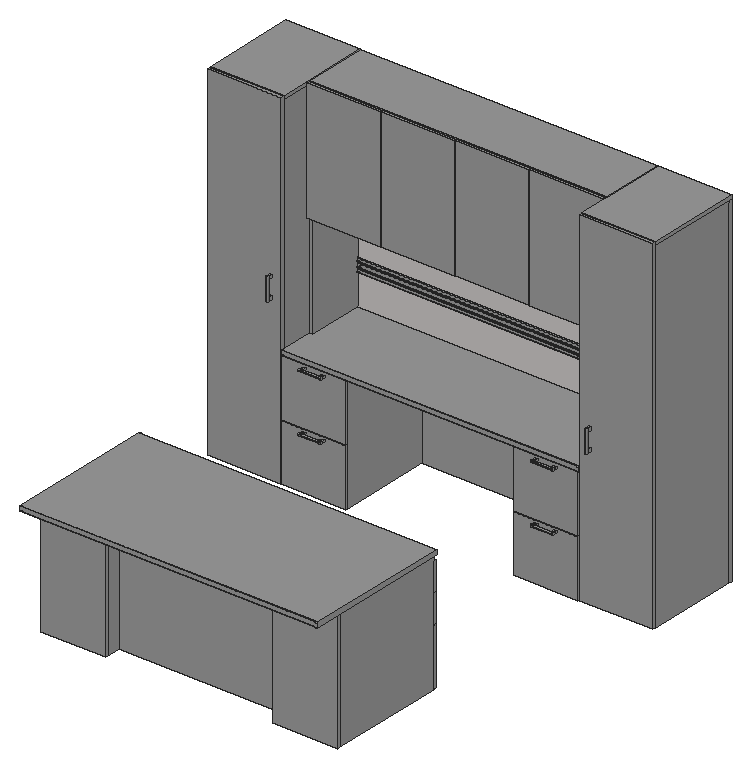
Revit family "JSI-Vision-Typical_Laminate-VST104", category Furniture, Revit 2020 (continued)
Definition of nested family "JSI-Vision-Kneespace_Credenza"
  Automatic sketch dimensions
    Extrusion 4 sketch curve to plane 31 = 0"
    level to Extrusion 4 sketch curve = 1 7/8"
    plane 12 to Extrusion 5 sketch curve = 0"
    Extrusion 5 sketch curve to level = 0"
    Extrusion 5 sketch curve to plane 10 = 0"
    plane 10 to Extrusion 5 sketch curve = 0.65724"
    plane 31 to Extrusion 5 sketch curve = 5/16"
    Extrusion 6 sketch curve to level = 0"
    plane 12 to Extrusion 6 sketch curve = 0"
    Extrusion 6 sketch curve to plane 10 = 0"
    Extrusion 6 sketch curve to plane 31 = 5/16"
    Extrusion 7 sketch curve to plane 6 = 0"  (x2)
    Extrusion 7 sketch curve to plane 31 = 5/16"
    Extrusion 7 sketch curve to Extrusion 7 sketch curve = 0"
    Extrusion 8 sketch curve to level = 0"
    plane 12 to Extrusion 8 sketch curve = 0"
    Extrusion 8 sketch curve to plane 10 = 0"
    plane 31 to Extrusion 8 sketch curve = 5/16"
    Extrusion 9 sketch curve to plane 6 = 0"  (x2)
    Extrusion 9 sketch curve to plane 12 = 0.11111"
    plane 31 to Extrusion 9 sketch curve = 5/16"
    Extrusion 9 sketch curve to Extrusion 9 sketch curve = 0"
    Extrusion 10 sketch curve to level = 0"
    plane 31 to Extrusion 10 sketch curve = 0"
    plane 32 to Extrusion 10 sketch curve = 0"
    level to Extrusion 10 sketch curve = 1 7/8"
    plane 11 to Extrusion 2 sketch curve = 0.01698"
  Nested families (in)
    nested 1: "Bar Pull" at (7.93625, -24, 27.14098), Pull Finish <- "Pull Finish", type "PL"
      with Pull Finish none
    nested 2: "Bar Pull" at (7.93625, -24, 13.20121), Pull Finish <- "Pull Finish", type "PL"
      with Pull Finish none
    nested 3: "Bar Pull" at (64.06375, -24, 27.14098) x (-1, 0, 0) z (0, 0, 1), Pull Finish <- "Pull Finish", type "PL"
      with Pull Finish none
    nested 4: "Bar Pull" at (64.06375, -24, 13.20121) x (-1, 0, 0) z (0, 0, 1), Pull Finish <- "Pull Finish", type "PL"
      with Pull Finish none
    nested 5: "Label 1-16" at (7.93625, -24.85202, 0), type "DRWCFG"
    nested 6: "Label 1-16" at (64.06375, -24.85202, 0), type "DRWCFG"
  Definition of nested family "Bar Pull"
    Parameters
      Pull Finish [instance] = none
      Default Elevation = 0"
    Reference planes (in)
      plane 1 "Center Front/Back": y = 0
      plane 2: z = 0
      plane 3 "Center Left/Right": x = 0
      plane 4: x = -2.68731
      plane 5: x = -1.88731
      plane 6: x = 2.68731
      plane 7: x = 1.88731
      plane 8: y = -1
      plane 9: y = -0.85202
    Forms (in)
      Extrusion 1, solid, material <- "Pull Finish"
        sketch origin (0, 0, 0) x (0, 1, 0) y (0, 0, 1)
          loop
            line (0, -0.2015) -> (0, 0.2015) -> (-0.85202, 0.2015)
            arc (-0.85202, 0.2015) -> (-0.75, 0) -> (-0.85202, -0.2015) r 0.25
            line (-0.85202, -0.2015) -> (0, -0.2015)
        from 1.88731 to 2.68731
      Extrusion 2, solid, material <- "Pull Finish"
        sketch origin (0, 0, 0) x (0, 1, 0) y (0, 0, 1)
          loop
            circle (-1, 0) r 0.25
        from -2.68731 to 2.68731
      Extrusion 3, solid, material <- "Pull Finish"
        sketch origin (0, 0, 0) x (0, 1, 0) y (0, 0, -1)
          loop
            line (0, 0.2015) -> (-0.85202, 0.2015)
            arc (-0.85202, 0.2015) -> (-0.75, 0) -> (-0.85202, -0.2015) r 0.25
            line (-0.85202, -0.2015) -> (0, -0.2015) -> (0, 0.2015)
        from 1.88731 to 2.68731
    Dimensions and locks (in)
      plane 4 to plane 5 to plane 3 "Center Left/Right" to plane 7 to plane 6 = 0.8" locked, 1.88731" locked, 1.88731" locked, 0.8" locked
      plane 8 to plane 9 to plane 1 "Center Front/Back" = 0.14798" locked, 0.85202" locked
      aligned and locked: level to plane 2
      aligned and locked: plane 4 to Extrusion 3
      aligned and locked: Extrusion 3 to plane 5
      aligned and locked: plane 4 to Extrusion 2
      aligned and locked: Extrusion 1 to plane 7
      aligned and locked: plane 6 to Extrusion 1
      aligned and locked: plane 6 to Extrusion 2
      aligned and locked: plane 8 to Extrusion 2 sketch curve
      aligned and locked: Extrusion 3 to plane 1 "Center Front/Back"
      aligned and locked: Extrusion 1 to plane 1 "Center Front/Back"
      aligned and locked: plane 5 to Extrusion 3
      aligned and locked: Extrusion 3 to plane 4
      aligned and locked: Extrusion 2 to plane 4
      aligned and locked: plane 7 to Extrusion 1
      aligned and locked: Extrusion 1 to plane 6
      aligned and locked: Extrusion 2 to plane 6
  Definition of nested family "Label 1-16"
    Parameters
      Width = 1"
      Model Name = "BF"
    Reference planes (in)
      plane 1: y = 0
      plane 2: x = 0
    Text (in)
      label "XX" at (0.00051, -0.12324, 0), shows "Model Name"
Definition of nested family "JSI-Vision-Double_Pedestal_Desk-Break_Front_Modesty"
  Parameters (values of type "Dbl Ped, Brk Frnt Mod - Type Catalog Family")
    Worksurface = none
    Width = 72"
    URL = "www.servex-us.com"
    Type Comments = ""
    Tag 2 = "FF"  # constant formula
    Tag = "BBF"  # constant formula
    Series = "Vision Casegoods"  # constant formula
    Pull Finish = none
    Model = "Type Catalog"
    Material = ""
    Manufacturer = "JSI"  # constant formula
    Keynote = "12500"  # constant formula
    JSI Enviromental Website = "http://www.svxfurniture.com/svx_sustainability_intro.php"
    Height = 29 3/16"
    Grommet Finish = none
    Drawer Front = none
    Description = "Type Catalog"
    Depth chassis = 36"
    Depth = 36"
    Default Elevation = 0"
    Chassis = none
    Assembly Code = "E2020200"
  Reference planes (in)
    plane 1: z = 0
    plane 2 "Center (Left/Right)": x = -36.06413
    plane 3: z = 29.1875
    plane 4: z = 28
    plane 5: y = -25.25
    plane 6 "Center (Front/Back)": y = 10.75
    plane 7: y = 10.625
    plane 8: y = 10.75
    plane 9: x = -0.06413
    plane 10: x = 35.93587
    plane 11: y = 10.625
    plane 12: x = -20.31413
    plane 13: x = 20.18587
    plane 14: x = 28.06087
    plane 15: x = -28.18913
    plane 16: x = 35.81086
    plane 17: x = -35.93913
    plane 18: y = 0.56325
    plane 19: y = -24.31113
    plane 20: x = -35.93913
    plane 21: x = 20.31087
    plane 22: x = -20.43886
    plane 23: x = 35.80987
  Forms (in)
    Extrusion 1, solid, material <- "Worksurface"
      sketch origin (0, 0, 0) x (1, 0, 0) y (0, 1, 0)
        loop
          line (-36.06413, -25.125) -> (35.93587, -25.125) -> (35.93587, 10.625) -> (-36.06413, 10.625) -> (-36.06413, -25.125)
      from 28 to 29.1875
    Extrusion 2, solid, material <- "Chassis"
      sketch origin (0, 3.75, 0) x (1, 0, 0) y (0, 1, 0)
        loop
          line (-20.31413, -3.18675) -> (-20.31413, -3.93675) -> (20.18587, -3.93675) -> (20.18587, -3.18675) -> (-20.31413, -3.18675)
      from 0 to 28
    Extrusion 3, solid, material <- "Drawer Front"
      sketch origin (-0.00163, 6.13, 0) x (1, 0, 0) y (0, 0, 1)
        loop
          line (-35.9375, 27.87992) -> (-35.9375, 21.03992) -> (-20.43723, 21.03992) -> (-20.43723, 27.87992) -> (-35.9375, 27.87992)
        loop
          line (-35.9375, 20.91492) -> (-35.9375, 14.07492) -> (-20.43723, 14.07492) -> (-20.43723, 20.91492) -> (-35.9375, 20.91492)
        loop
          line (-35.9375, 13.94992) -> (-35.9375, 0.14) -> (-20.43723, 0.14) -> (-20.43723, 13.94992) -> (-35.9375, 13.94992)
      from 30.44113 to 31.19125
    Extrusion 4, solid, material <- "Chassis"
      sketch origin (-0.06413, 0, 0) x (0, 1, 0) y (0, 0, 1)
        loop
          line (-24.31113, 28) -> (-24.31113, 0) -> (3.81325, 0) -> (3.81325, 28) -> (-24.31113, 28)
      from -35.875 to -35.125
    Extrusion 5, solid, material <- "Chassis"
      sketch origin (-0.06413, 0.034, 0) x (1, 0, 0) y (0, 0, 1)
        loop
          line (-35.125, 1.9375) -> (-35.125, 0) -> (-21, 0) -> (-21, 1.9375) -> (-35.125, 1.9375)
      from 23.59513 to 24.34513
    Extrusion 6, solid, material <- "Drawer Front"
      sketch origin (-0.1898, 6.13, 0) x (1, 0, 0) y (0, 0, 1)
        loop
          line (20.50066, 27.87992) -> (20.50066, 14.07793) -> (35.99966, 14.07793) -> (35.99966, 27.87992) -> (20.50066, 27.87992)
        loop
          line (20.50066, 13.94992) -> (20.50066, 0.14) -> (35.99966, 0.14) -> (35.99966, 13.94992) -> (20.50066, 13.94992)
      from 30.5 to 31.25
    Extrusion 7, solid, material <- "Chassis"
      sketch origin (-0.06029, 0, 0) x (0, 1, 0) y (0, 0, -1)
        loop
          line (-24.31113, -28) -> (3.81325, -28) -> (3.81325, 0) -> (-24.31113, 0) -> (-24.31113, -28)
      from -35.87116 to -35.12116
    Sweep 8, solid, material <- "Worksurface"
      path in 3D
        loop
          line (-36.06413, -25.125, 29.1875) -> (35.93587, -25.125, 29.1875)
      profile origin (-0.06413, -25.125, 29.1875) x (0, 1, 0) y (0, 0, 1)
        loop
          arc (0, 0) -> (-0.08839, -0.03661) -> (-0.125, -0.125) r 0.125
          line (-0.125, -0.125) -> (-0.125, -1.0625)
          arc (-0.125, -1.0625) -> (-0.08839, -1.15089) -> (0, -1.1875) r 0.125
          line (0, -1.1875) -> (0, 0)
    Extrusion 9, solid, material <- "Chassis"
      sketch origin (-0.06413, 0.034, 0) x (-1, 0, 0) y (0, 0, -1)
        loop
          line (-35.125, -1.9375) -> (-21, -1.9375) -> (-21, 0) -> (-35.125, 0) -> (-35.125, -1.9375)
      from 23.59513 to 24.34513
    Sweep 10, solid, material <- "Worksurface"
      path in 3D
        loop
          line (35.93587, 10.625, 29.1875) -> (-36.06413, 10.625, 29.1875)
      profile origin (-0.06413, 10.625, 29.1875) x (0, -1, 0) y (0, 0, 1)
        loop
          arc (0, 0) -> (-0.08839, -0.03661) -> (-0.125, -0.125) r 0.125
          line (-0.125, -0.125) -> (-0.125, -1.0625)
          arc (-0.125, -1.0625) -> (-0.08839, -1.15089) -> (0, -1.1875) r 0.125
          line (0, -1.1875) -> (0, 0)
    Extrusion 11, solid, material <- "Chassis"
      sketch origin (-56.18913, 0, 0) x (0, 1, 0) y (0, 0, -1)
        loop
          line (-24.31113, -28) -> (3.81325, -28) -> (3.81325, 0) -> (-24.31113, 0) -> (-24.31113, -28)
      from -35.875 to -35.125
    Extrusion 12, solid, material <- "Chassis"
      sketch origin (80.05703, 0, 0) x (0, 1, 0) y (0, 0, 1)
        loop
          line (-24.31113, 28) -> (-24.31113, 0) -> (3.81325, 0) -> (3.81325, 28) -> (-24.31113, 28)
      from -59.87116 to -59.12116
    Extrusion 13, solid, material <- "Chassis"
      sketch origin (0, 0, 0) x (1, 0, 0) y (0, 1, 0)
        loop
          line (-35.93913, 4.56325) -> (-35.93913, 3.81325) -> (-20.31413, 3.81325) -> (-20.31413, 4.56325) -> (-35.93913, 4.56325)
      from 0 to 28
    Extrusion 14, solid, material <- "Chassis"
      sketch origin (11.87173, 0, 0) x (-1, 0, 0) y (0, -1, 0)
        loop
          line (-23.93913, -4.56325) -> (-8.31413, -4.56325) -> (-8.31413, -3.81325) -> (-23.93913, -3.81325) -> (-23.93913, -4.56325)
      from 0 to 28
  Cuts and joins
    joined: Extrusion 1, Sweep 8, Sweep 10
  Lines and regions (in)
    sketch lines
      curve 1: line (-36.06413, -25.125, 29.1875) -> (35.93587, -25.125, 29.1875)
      curve 5: line (35.93587, 10.625, 29.1875) -> (-36.06413, 10.625, 29.1875)
    symbolic lines
      curve 2: line (35.93587, -25.25, 0) -> (-36.06413, -25.25, 0)
      curve 3: line (35.93587, -25.25, 0) -> (35.93587, 10.75, 0)
      curve 4: line (-36.06413, 10.75, 0) -> (-36.06413, -25.25, 0)
      curve 6: line (-36.06413, 10.75, 0) -> (35.93587, 10.75, 0)
      curve 7: line (20.18587, 0.56325, 0) -> (-20.31413, 0.56325, 0)
      curve 8: line (-20.31413, -0.18675, 0) -> (20.18587, -0.18675, 0)
      curve 9: line (-20.31413, -24.31113, 0) -> (-20.31413, 4.56325, 0)
      curve 10: line (-35.93913, 4.56325, 0) -> (-35.93913, -24.31113, 0)
      curve 11: line (-20.31413, 4.56325, 0) -> (-35.93913, 4.56325, 0)
      curve 12: line (-35.93913, -24.31113, 0) -> (-20.31413, -24.31113, 0)
      curve 13: line (-35.93913, -24.37, 0) -> (-35.93913, -25.12, 0)
      curve 14: line (-35.93913, -25.12, 0) -> (-20.43886, -25.12, 0)
      curve 15: line (-20.43886, -25.12, 0) -> (-20.43886, -24.37, 0)
      curve 16: line (-20.43886, -24.37, 0) -> (-35.93913, -24.37, 0)
      curve 17: line (20.18587, 4.56325, 0) -> (20.18587, -24.31113, 0)
      curve 18: line (35.81086, -24.31113, 0) -> (35.81086, 4.56325, 0)
      curve 19: line (35.81086, 4.56325, 0) -> (20.18587, 4.56325, 0)
      curve 20: line (20.18587, -24.31113, 0) -> (35.81086, -24.31113, 0)
      curve 21: line (35.80987, -24.37, 0) -> (20.31087, -24.37, 0)
      curve 22: line (20.31087, -24.37, 0) -> (20.31087, -25.12, 0)
      curve 23: line (20.31087, -25.12, 0) -> (35.80987, -25.12, 0)
      curve 24: line (35.80987, -25.12, 0) -> (35.80987, -24.37, 0)
      curve 25: line (-35.93913, 3.81325, 0) -> (-20.31413, 3.81325, 0)
      curve 26: line (-35.25163, 3.81325, 0) -> (-35.25163, -24.31113, 0)
      curve 27: line (-21.12663, 3.81325, 0) -> (-21.12663, -24.31113, 0)
      curve 28: line (20.18587, 3.81325, 0) -> (35.81086, 3.81325, 0)
      curve 29: line (35.12337, 3.81325, 0) -> (35.12337, -24.37, 0)
      curve 30: line (20.99837, 3.81325, 0) -> (20.99837, -24.31113, 0)
  Dimensions and locks (in)
    "Height": plane 3 to level
    locked: plane 3 to plane 4 at 1.1875
    "Depth": plane 6 "Center (Front/Back)" to plane 5
    locked: plane 7 to plane 6 "Center (Front/Back)" at 0.125
    equal spacing: plane 2 "Center (Left/Right)", plane 9, plane 10
    "Width": plane 2 "Center (Left/Right)" to plane 10
    locked: plane 8 to plane 11 at 0.125
    locked: plane 2 "Center (Left/Right)" to plane 12 at 15.75
    locked: plane 16 to plane 10 at 0.125
    locked: Extrusion 7 to Extrusion 7 at 0.75
    locked: Extrusion 4 to Extrusion 4 at 0.75
    locked: Extrusion 2 to Extrusion 2 at 0.75
    locked: plane 19 to plane 5 at 0.93887
    locked: Extrusion 5 to Extrusion 5 at 0.75
    locked: Extrusion 9 to Extrusion 9 at 0.75
    "Depth chassis": plane 8 to plane 5
    locked: plane 20 to plane 15 at 7.75
    locked: plane 21 to plane 14 at 7.75
    plane 8 to plane 18 to Extrusion 2 = 10.18675" locked, 3/4" locked
    locked: Extrusion 11 to Extrusion 11 at 0.75
    locked: Extrusion 12 to Extrusion 12 at 0.75
    locked: Extrusion 13 to Extrusion 13 at 0.75
    locked: Extrusion 14 to Extrusion 14 at 0.75
    locked: plane 20 to plane 22 at 15.50027
    locked: plane 21 to plane 23 at 15.499
    plane 13 to plane 21 = 1/8"
    Extrusion 3 sketch curve to Extrusion 3 sketch curve to Extrusion 3 sketch curve to Extrusion 3 sketch curve to Extrusion 3 sketch curve to Extrusion 3 sketch curve to plane 1 = 6.84" locked, 1/8" locked, 6.84" locked, 1/8" locked, 13.80992" locked, 0.14" locked
    locked: Extrusion 3 to nested 3 at 0.75
    locked: Extrusion 3 to nested 2 at 0.75
    locked: Extrusion 3 to nested 1 at 0.75
    equal spacing: plane 13, plane 14, plane 10
    locked: plane 13 to plane 10 at 15.75
    equal spacing: plane 2 "Center (Left/Right)", plane 15, plane 12
    locked: Extrusion 6 to nested 5 at 0.75
    locked: Extrusion 6 to nested 4 at 0.75
    aligned and locked: level to plane 1
    aligned and locked: curve 4 to Extrusion 1
    aligned and locked: Extrusion 4 to Extrusion 5
    aligned and locked: Extrusion 5 to Extrusion 2
    aligned and locked: Extrusion 2 to Extrusion 7
    aligned and locked: Extrusion 5 to Extrusion 4  (x2)
    aligned and locked: plane 16 to Extrusion 7
    aligned and locked: plane 17 to Extrusion 4
    aligned and locked: plane 18 to Extrusion 2
    aligned and locked: Extrusion 7 to plane 19
    aligned and locked: Extrusion 5 to plane 19
    aligned and locked: Extrusion 4 to plane 19  (x2)
    aligned and locked: Extrusion 5 to level
    aligned and locked: Extrusion 7 to Extrusion 9
    aligned and locked: Extrusion 9 to plane 19
    aligned and locked: Extrusion 1 to plane 7
    aligned and locked: plane 6 "Center (Front/Back)" to curve 6
    aligned and locked: nested 3 to plane 15
    aligned and locked: nested 2 to plane 15
    aligned and locked: nested 1 to plane 15
    aligned and locked: plane 14 to nested 5
    aligned and locked: plane 14 to nested 4
    aligned and locked: Extrusion 6 to plane 21  (x5)
    aligned and locked: Extrusion 3 to plane 20  (x6)
    aligned and locked: plane 12 to Extrusion 2
    aligned and locked: Extrusion 11 to plane 12
    aligned and locked: Extrusion 11 to plane 19
    aligned and locked: Extrusion 12 to plane 13
    aligned and locked: Extrusion 12 to plane 19
    aligned and locked: plane 13 to Extrusion 2
    aligned and locked: plane 17 to Extrusion 13
    aligned and locked: Extrusion 13 to plane 12
    aligned and locked: plane 4 to Extrusion 13
    aligned and locked: Extrusion 12 to Extrusion 14
    aligned and locked: Extrusion 7 to Extrusion 14
    aligned and locked: Extrusion 5 to Extrusion 11
    aligned and locked: Extrusion 9 to Extrusion 12
    aligned and locked: Extrusion 9 to Extrusion 7
    aligned and locked: Extrusion 3 to plane 22
    aligned and locked: Extrusion 6 to plane 23
    aligned and locked: plane 22 to Extrusion 3  (x3)
    aligned and locked: plane 23 to Extrusion 6  (x2)
    aligned and locked: curve 7 to Extrusion 2
    aligned and locked: curve 8 to Extrusion 2
    aligned and locked: curve 9 to Extrusion 11
    aligned and locked: curve 10 to Extrusion 4
    aligned and locked: curve 12 to Extrusion 5
    aligned and locked: Extrusion 3 to curve 13
    aligned and locked: curve 15 to Extrusion 3
    aligned and locked: curve 17 to Extrusion 12
    aligned and locked: curve 18 to Extrusion 7
    aligned and locked: curve 19 to Extrusion 14
    aligned and locked: curve 20 to Extrusion 9
    aligned and locked: curve 21 to Extrusion 6
    aligned and locked: curve 22 to Extrusion 6
    aligned and locked: curve 23 to Extrusion 6
    aligned and locked: curve 24 to Extrusion 6
    aligned and locked: nested 7 to plane 15
    aligned and locked: plane 14 to nested 6
    aligned and locked: nested 7 to plane 5
    aligned and locked: nested 4 to nested 6
    aligned and locked: nested 6 to plane 5
    aligned and locked: Extrusion 7 sketch curve to Extrusion 4
    aligned and locked: plane 4 to Extrusion 7 sketch curve
    aligned and locked: curve 25 to Extrusion 13
    aligned and locked: curve 11 to Extrusion 13
    aligned and locked: Extrusion 14 to curve 28
    aligned and locked: plane 4 to Sweep 8 sketch curve
    aligned and locked: plane 3 to Sweep 8 sketch curve
    aligned and locked: cut or joined group of Extrusion 1, Sweep 8, Sweep 10 to plane 4
    aligned and locked: plane 3 to cut or joined group of Extrusion 1, Sweep 8, Sweep 10
    aligned and locked: plane 4 to Extrusion 14
    aligned and locked: plane 4 to Extrusion 2
    aligned and locked: plane 19 to Extrusion 3
    aligned and locked: Extrusion 4 to Extrusion 13
    aligned and locked: Extrusion 11 to Extrusion 13
    aligned and locked: Extrusion 6 sketch curve to Extrusion 3
    aligned and locked: Extrusion 3 to nested 3
    aligned and locked: Extrusion 3 to nested 2
    aligned and locked: Extrusion 3 to nested 1
    aligned and locked: Extrusion 3 to nested 4
  Automatic sketch dimensions
    Extrusion 1 sketch curve to plane 2 "Center (Left/Right)" = 0"
    Extrusion 1 sketch curve to plane 10 = 0"
    plane 7 to Extrusion 1 sketch curve = 0"
    plane 5 to Extrusion 1 sketch curve = 1/8"
    Extrusion 2 sketch curve to plane 12 = 0"
    Extrusion 2 sketch curve to plane 13 = 0"
    Extrusion 2 sketch curve to plane 18 = 0"
    Extrusion 4 sketch curve to plane 4 = 0"
    Extrusion 4 sketch curve to plane 19 = 0"
    Extrusion 4 sketch curve to level = 0"
    Extrusion 4 sketch curve to plane 11 = 6.81175"
    Extrusion 5 sketch curve to level = 0"
    plane 20 to Extrusion 5 sketch curve = 3/4"
    plane 12 to Extrusion 5 sketch curve = 3/4"
    level to Extrusion 5 sketch curve = 1 15/16"
    Extrusion 6 sketch curve to plane 21 = 0"  (x2)
    Extrusion 6 sketch curve to plane 16 = 0.001"  (x2)
    Extrusion 6 sketch curve to Extrusion 6 sketch curve = 13.80992"
    Extrusion 6 sketch curve to Extrusion 6 sketch curve = 0.128"
    Extrusion 6 sketch curve to plane 4 = 0.12007"
    Extrusion 7 sketch curve to plane 19 = 0"
    Extrusion 7 sketch curve to level = 0"
    Sweep 8 sketch curve to profile plane = 0"
    profile plane to Sweep 8 sketch curve = 1/8"
    Extrusion 9 sketch curve to level = 0"
    Extrusion 9 sketch curve to plane 16 = 3/4"
    plane 21 to Extrusion 9 sketch curve = 5/8"
    level to Extrusion 9 sketch curve = 1 15/16"
    Sweep 10 sketch curve to profile plane = 0"  (x2)
    profile plane to Sweep 10 sketch curve = 1/8"
    Sweep 10 sketch curve to Sweep 10 sketch curve = 15/16"
    Extrusion 11 sketch curve to plane 4 = 0"
    Extrusion 11 sketch curve to plane 19 = 0"
    Extrusion 11 sketch curve to level = 0"
    Extrusion 11 sketch curve to plane 11 = 6.81175"
    Extrusion 12 sketch curve to plane 4 = 0"
    Extrusion 12 sketch curve to plane 19 = 0"
    Extrusion 12 sketch curve to level = 0"
    Extrusion 12 sketch curve to plane 11 = 6.81175"
    Extrusion 13 sketch curve to plane 17 = 0"
    Extrusion 13 sketch curve to plane 12 = 0"
    Extrusion 13 sketch curve to Extrusion 13 sketch curve = 3/4"
    Extrusion 14 sketch curve to plane 16 = 0"
    Extrusion 14 sketch curve to plane 11 = 6.06175"
    Extrusion 14 sketch curve to plane 13 = 0"
    Extrusion 14 sketch curve to plane 11 = 6.81175"
    curve 2 to plane 2 "Center (Left/Right)" = 0"
    curve 10 to plane 17 = 0"
    curve 16 to plane 20 = 0"
    curve 26 to plane 19 = 0"
    curve 14 to plane 22 = 0"
    curve 12 to plane 12 = 0"
    curve 17 to plane 13 = 0"
    curve 22 to plane 21 = 0"
    curve 30 to plane 19 = 0"
    curve 21 to plane 23 = 0"
    curve 18 to plane 16 = 0"
    curve 6 to plane 10 = 0"
    curve 2 to plane 5 = 0"
    curve 7 to plane 18 = 0"
    plane 7 to curve 18 = 6.06175"
    plane 5 to curve 14 = 0.13"
    plane 5 to curve 22 = 0.13"
    plane 20 to curve 26 = 11/16"
    curve 27 to plane 22 = 0.68777"
    plane 21 to curve 30 = 11/16"
    curve 29 to plane 23 = 0.6865"
    curve 8 to curve 7 = 3/4"
    Extrusion 2 sketch curve to plane 18 = 3/4"
    curve 22 to plane 19 = 0.05887"
    curve 16 to plane 19 = 0.05887"
    Extrusion 3 sketch curve to plane 20 = 0"  (x3)
    Extrusion 3 sketch curve to plane 22 = 0"  (x3)
    plane 18 to Extrusion 13 sketch curve = 3 1/4"
  Nested families (in)
    nested 1: "Bar Pull" at (-28.18913, -25.06125, 13.19992), Pull Finish <- "Pull Finish", type "PL"
      with Pull Finish none
    nested 2: "Bar Pull" at (-28.18913, -25.06125, 20.16492), Pull Finish <- "Pull Finish", type "PL"
      with Pull Finish none
    nested 3: "Bar Pull" at (-28.18913, -25.06125, 27.12992), Pull Finish <- "Pull Finish", type "PL"
      with Pull Finish none
    nested 4: "Bar Pull" at (28.06087, -25.06125, 13.19992), Pull Finish <- "Pull Finish", type "PL"
      with Pull Finish none
    nested 5: "Bar Pull" at (28.06087, -25.06125, 27.12992), Pull Finish <- "Pull Finish", type "PL"
      with Pull Finish none
    nested 6: "Label 1-16" at (28.06087, -25.25, 0), type "DRWCFG 2"
    nested 7: "Label 1-16" at (-28.18913, -25.25, 0), type "DRWCFG"
  Definition of nested family "Bar Pull"
    Parameters
      Pull Finish [instance] = none
      Default Elevation = 0"
    Reference planes (in)
      plane 1 "Center Front/Back": y = 0
      plane 2: z = 0
      plane 3 "Center Left/Right": x = 0
      plane 4: x = -2.68731
      plane 5: x = -1.88731
      plane 6: x = 2.68731
      plane 7: x = 1.88731
      plane 8: y = -1
      plane 9: y = -0.85202
    Forms (in)
      Extrusion 1, solid, material <- "Pull Finish"
        sketch origin (0, 0, 0) x (0, 1, 0) y (0, 0, 1)
          loop
            line (0, -0.2015) -> (0, 0.2015) -> (-0.85202, 0.2015)
            arc (-0.85202, 0.2015) -> (-0.75, 0) -> (-0.85202, -0.2015) r 0.25
            line (-0.85202, -0.2015) -> (0, -0.2015)
        from 1.88731 to 2.68731
      Extrusion 2, solid, material <- "Pull Finish"
        sketch origin (0, 0, 0) x (0, 1, 0) y (0, 0, 1)
          loop
            circle (-1, 0) r 0.25
        from -2.68731 to 2.68731
      Extrusion 3, solid, material <- "Pull Finish"
        sketch origin (0, 0, 0) x (0, 1, 0) y (0, 0, -1)
          loop
            line (0, 0.2015) -> (-0.85202, 0.2015)
            arc (-0.85202, 0.2015) -> (-0.75, 0) -> (-0.85202, -0.2015) r 0.25
            line (-0.85202, -0.2015) -> (0, -0.2015) -> (0, 0.2015)
        from 1.88731 to 2.68731
    Dimensions and locks (in)
      plane 4 to plane 5 to plane 3 "Center Left/Right" to plane 7 to plane 6 = 0.8" locked, 1.88731" locked, 1.88731" locked, 0.8" locked
      plane 8 to plane 9 to plane 1 "Center Front/Back" = 0.14798" locked, 0.85202" locked
      aligned and locked: level to plane 2
      aligned and locked: plane 4 to Extrusion 3
      aligned and locked: Extrusion 3 to plane 5
      aligned and locked: plane 4 to Extrusion 2
      aligned and locked: Extrusion 1 to plane 7
      aligned and locked: plane 6 to Extrusion 1
      aligned and locked: plane 6 to Extrusion 2
      aligned and locked: plane 8 to Extrusion 2 sketch curve
      aligned and locked: Extrusion 3 to plane 1 "Center Front/Back"
      aligned and locked: Extrusion 1 to plane 1 "Center Front/Back"
      aligned and locked: plane 5 to Extrusion 3
      aligned and locked: Extrusion 3 to plane 4
      aligned and locked: Extrusion 2 to plane 4
      aligned and locked: plane 7 to Extrusion 1
      aligned and locked: Extrusion 1 to plane 6
      aligned and locked: Extrusion 2 to plane 6
  Definition of nested family "Label 1-16"
    Parameters
      Width = 1"
      Model Name = "BBF"
    Reference planes (in)
      plane 1: y = 0
      plane 2: x = 0
    Text (in)
      label "XX" at (0.00051, -0.12324, 0), shows "Model Name"
Definition of nested family "JSI-Vision-Storage_Cabinet"
  Parameters (values of type "Type Catalog")
    Top = none
    Width = 18"
    Unit Centre = Actual Width / 2  # 8 15/16"
    URL = "www.jsifurniture.com"
    Type Comments = ""
    Tag = "Type Catalog"
    Shelve Width = Actual Width - 1 1/2"  # 16 3/8"
    Shelve Depth = Actual Depth - 1 11/16"  # 21 5/16"
    Series = "Vision Casegoods"  # constant formula
    Pull Position = 36"
    Pull Finish = none
    Pull Distance = if(HRL, (Actual Width - 2 5/8"), 2 1/2")  # 2 1/2"
    Model = "Type Catalog"
    Material = ""
    Manufacturer = "JSI"  # constant formula
    Keynote = "12500"  # constant formula
    JSI Enviromental Website = "http://www.jsifurniture.com/jsi_sustainability_intro.php"
    Height = 84"
    HRL = no
    Fix Shelve = 14 3/4"  # constant formula
    Door Front = none
    Description = "Type Catalog"
    Depth = 24"
    Default Elevation = 0"
    Chassis = none
    Bottom Adjustable Shelve = Fix Shelve * 2  # 29 1/2"
    Assembly Code = "E2020200"
    Adjustable Shelves Array Distance = if(Height > 42", ((Height - 3 3/4" - (Fix Shelve * 2)) / (# of Adjustable Shelves)), 0")  # 12 11/16"
    Actual Width = Width - 1/8"  # 17 7/8"
    Actual Height = if(Height > 54", (Height - 5/16"), (if(Height > 42", (Height + 1 1/8"), if(Height > 30", (Height - 3/8"), (Height - 13/16")))))  # 83 11/16"
    Actual Depth = Depth - 1"  # 23"
    # of Adjustable Shelves = if(Height > 72", 4, (if(Height > 57", 3, 2)))  # 4
  Reference planes (in)
    plane 1 "Center Front/Back": y = 0
    plane 2: z = 0
    plane 3 "Center Left/Right": x = 0
    plane 4: z = 0
    plane 5: x = 17.875
    plane 6: y = -0.125
    plane 7: y = -23.125
    plane 8: z = 83.6875
    plane 9: y = -0.875
    plane 10: y = -22.9375
    plane 11: y = -22.1875
    plane 12: x = 0.75
    plane 13: x = 17.125
    plane 14: z = 1.1875
    plane 15: z = 1.9375
    plane 16: z = 82.9375
    plane 17: z = 83.3125
    plane 18: z = 17.0625
    plane 19: z = 32.5625
    plane 20: z = 42.625
    plane 21: z = 56.1875
    plane 22: z = 69.75
    plane 23: z = 70.125
    plane 24: z = 69.375
    plane 25: z = 56.5625
    plane 26: z = 55.8125
    plane 27: z = 43
    plane 28: z = 42.25
    plane 29: z = 32.9375
    plane 30: z = 32.1875
    plane 31: z = 17.4375
    plane 32: z = 16.6875
    plane 33: x = 8.9375
    plane 34: x = 0.0625
    plane 35: x = 17.8125
    plane 36: x = 9
    plane 37: x = 8.875
    plane 38: z = 1.03125
    plane 39: y = -23.25
    plane 40: y = -24
    plane 41: x = 2.5625
    plane 42: z = 30.9375
    plane 43: z = 83.625
    plane 44: z = 36
    plane 45: y = -23
  Forms (in)
    Extrusion 1, solid, material <- "Chassis"
      sketch origin (0, 0, 0) x (1, 0, 0) y (0, 1, 0)
        loop
          line (0, -0.125) -> (0, -0.875) -> (17.875, -0.875) -> (17.875, -0.125) -> (0, -0.125)
      from 0 to 82.9375
    Extrusion 2, solid, material <- "Chassis"
      sketch origin (0, 0, 0) x (1, 0, 0) y (0, 1, 0)
        loop
          line (0, -0.875) -> (0, -23.125) -> (0.75, -23.125) -> (0.75, -0.875) -> (0, -0.875)
      from 0 to 82.9375
    Extrusion 3, solid, material <- "Chassis"
      sketch origin (0, 0, 0) x (1, 0, 0) y (0, 1, 0)
        loop
          line (17.125, -0.875) -> (17.125, -23.125) -> (17.875, -23.125) -> (17.875, -0.875) -> (17.125, -0.875)
      from 0 to 82.9375
    Extrusion 4, solid, material <- "Top"
      sketch origin (0, 0, 0) x (0, 1, 0) y (0, 0, 1)
        loop
          line (-0.125, 83.6875) -> (-23.125, 83.6875) -> (-23.125, 82.9375) -> (-0.125, 82.9375) -> (-0.125, 83.6875)
      from 0 to 17.875
    Extrusion 5, solid, material <- "Chassis"
      sketch origin (0, 0, 0) x (0, 1, 0) y (0, 0, 1)
        loop
          line (-0.875, 1.9375) -> (-22.1875, 1.9375) -> (-22.1875, 1.1875) -> (-0.875, 1.1875) -> (-0.875, 1.9375)
      from 0.75 to 17.125
    Extrusion 6, solid, material <- "Chassis"
      sketch origin (0, 0, 0) x (0, 1, 0) y (0, 0, 1)
        loop
          line (-22.1875, 1.9375) -> (-22.9375, 1.9375) -> (-22.9375, 0) -> (-22.1875, 0) -> (-22.1875, 1.9375)
      from 0.75 to 17.125
    Extrusion 7, solid, material <- "Chassis"
      sketch origin (0, 0, 0) x (1, 0, 0) y (0, 0, 1)
        loop
          line (0.75, 17.4375) -> (0.75, 16.6875) -> (17.125, 16.6875) -> (17.125, 17.4375) -> (0.75, 17.4375)
      from 0.875 to 22.1875
    Extrusion 8, solid, material <- "Chassis"
      sketch origin (-30, -7.5625, 2) x (1, 0, 0) y (0, 0, 1)
        loop
          line (30.75, 29.4375) -> (30.75, 28.6875) -> (47.125, 28.6875) -> (47.125, 29.4375) -> (30.75, 29.4375)
      from -6.6875 to 14.625
    Extrusion 9, solid, material <- "Chassis"
      sketch origin (-30, -7.5625, 14.6875) x (1, 0, 0) y (0, 0, 1)
        loop
          line (30.75, 29.4375) -> (30.75, 28.6875) -> (47.125, 28.6875) -> (47.125, 29.4375) -> (30.75, 29.4375)
      from -6.6875 to 14.625
    Extrusion 10, solid, material <- "Door Front"
      sketch origin (0, 0, 0) x (1, 0, 0) y (0, 1, 0)
        loop
          line (0.0625, -23.25) -> (0.0625, -24) -> (17.8125, -24) -> (17.8125, -23.25) -> (0.0625, -23.25)
      from 0.125 to 83.625
    Extrusion 11, solid, material <- "Chassis"
      sketch origin (-30, -7.5625, 27.375) x (1, 0, 0) y (0, 0, 1)
        loop
          line (30.75, 29.4375) -> (30.75, 28.6875) -> (47.125, 28.6875) -> (47.125, 29.4375) -> (30.75, 29.4375)
      from -6.6875 to 14.625
    Extrusion 12, solid, material <- "Chassis"
      sketch origin (-30, -7.5625, 40.0625) x (1, 0, 0) y (0, 0, 1)
        loop
          line (30.75, 29.4375) -> (30.75, 28.6875) -> (47.125, 28.6875) -> (47.125, 29.4375) -> (30.75, 29.4375)
      from -6.6875 to 14.625
  Lines and regions (in)
    symbolic lines
      curve 1: line (17.875, -0.125, 0) -> (0, -0.125, 0)
      curve 2: line (0, -0.125, 0) -> (0, -23.125, 0)
      curve 3: line (0, -23.125, 0) -> (17.875, -23.125, 0)
      curve 4: line (17.875, -23.125, 0) -> (17.875, -0.125, 0)
      curve 5: line (17.8125, -24, 0) -> (17.8125, -23.25, 0)
      curve 6: line (17.8125, -23.25, 0) -> (0.0625, -23.25, 0)
      curve 7: line (0.0625, -24, 0) -> (17.8125, -24, 0)
      curve 8: line (0.0625, -23.25, 0) -> (0.0625, -24, 0)
  Dimensions and locks (in)
    locked: plane 6 to plane 1 "Center Front/Back" at 0.125
    plane 7 to plane 10 to plane 11 = 3/16" locked, 3/4" locked
    locked: plane 3 "Center Left/Right" to plane 12 at 0.75
    locked: plane 13 to plane 5 at 0.75
    plane 15 to plane 14 to plane 4 = 3/4" locked, 1 3/16" locked
    locked: plane 8 to plane 16 at 0.75
    locked: plane 17 to plane 16 at 0.375
    plane 23 to plane 22 to plane 24 = 3/8" locked, 3/8" locked
    plane 25 to plane 21 to plane 26 = 3/8" locked, 3/8" locked
    plane 27 to plane 20 to plane 28 = 3/8" locked, 3/8" locked
    plane 29 to plane 19 to plane 30 = 3/8" locked, 3/8" locked
    plane 31 to plane 18 to plane 32 = 3/8" locked, 3/8" locked
    "Fix Shelve": plane 32 to plane 15
    equal spacing: plane 30, plane 18, plane 15
    "Actual Width": plane 3 "Center Left/Right" to plane 5
    equal spacing: group 1, group 2, group 3, group 4  (x3)
    "Adjustable Shelves Array Distance": Extrusion 9 to Extrusion 8
    "Bottom Adjustable Shelve": Extrusion 8 to plane 15
    "Shelve Width": Extrusion 8 sketch curve to Extrusion 8 sketch curve
    "Shelve Width": Extrusion 9 sketch curve to Extrusion 9 sketch curve
    "Unit Centre": plane 3 "Center Left/Right" to plane 33
    "Actual Height": plane 8 to plane 4
    locked: plane 3 "Center Left/Right" to plane 34 at 0.0625
    plane 37 to plane 33 to plane 36 = 1/16" locked, 1/16" locked
    locked: plane 35 to plane 5 at 0.0625
    locked: plane 14 to plane 38 at 0.15625
    plane 40 to plane 39 to plane 7 = 3/4" locked, 1/8" locked
    locked: plane 29 to plane 42 at 2
    locked: plane 8 to plane 43 at 0.0625
    "Pull Position": plane 44 to level
    "Pull Distance": plane 34 to plane 41
    "Shelve Depth": Extrusion 8 to Extrusion 8
    "Actual Depth": plane 7 to plane 6
    "Shelve Depth": Extrusion 9 to Extrusion 9
    "Shelve Width": Extrusion 11 sketch curve to Extrusion 11 sketch curve
    "Shelve Depth": Extrusion 11 to Extrusion 11
    "Shelve Width": Extrusion 12 sketch curve to Extrusion 12 sketch curve
    "Shelve Depth": Extrusion 12 to Extrusion 12
    locked: plane 4 to Extrusion 10 at 0.125
    aligned and locked: level to plane 2
    aligned and locked: plane 6 to Extrusion 1 sketch curve
    aligned and locked: Extrusion 1 sketch curve to plane 9
    aligned and locked: Extrusion 1 sketch curve to plane 5
    aligned and locked: plane 3 "Center Left/Right" to Extrusion 1 sketch curve
    aligned and locked: Extrusion 1 to plane 4
    aligned and locked: plane 16 to Extrusion 1
    aligned and locked: plane 3 "Center Left/Right" to Extrusion 2 sketch curve
    aligned and locked: Extrusion 2 sketch curve to plane 12
    aligned and locked: Extrusion 2 sketch curve to plane 7
    aligned and locked: plane 9 to Extrusion 2 sketch curve
    aligned and locked: plane 13 to Extrusion 3 sketch curve
    aligned and locked: Extrusion 3 sketch curve to plane 5
    aligned and locked: Extrusion 3 sketch curve to plane 7
    aligned and locked: plane 9 to Extrusion 3 sketch curve
    aligned and locked: Extrusion 2 to plane 4
    aligned and locked: Extrusion 3 to plane 4
    aligned and locked: plane 16 to Extrusion 2
    aligned and locked: plane 16 to Extrusion 3
    aligned and locked: plane 16 to Extrusion 4 sketch curve
    aligned and locked: Extrusion 4 sketch curve to plane 8
    aligned and locked: plane 6 to Extrusion 4 sketch curve
    aligned and locked: Extrusion 4 sketch curve to plane 7
    aligned and locked: Extrusion 4 to plane 3 "Center Left/Right"
    aligned and locked: plane 5 to Extrusion 4
    aligned and locked: Extrusion 5 sketch curve to plane 11
    aligned and locked: plane 14 to Extrusion 5 sketch curve
    aligned and locked: Extrusion 5 sketch curve to plane 15
    aligned and locked: plane 9 to Extrusion 5 sketch curve
    aligned and locked: Extrusion 5 to plane 12
    aligned and locked: plane 13 to Extrusion 5
    aligned and locked: plane 11 to Extrusion 6 sketch curve
    aligned and locked: Extrusion 6 sketch curve to plane 10
    aligned and locked: plane 4 to Extrusion 6 sketch curve
    aligned and locked: Extrusion 6 sketch curve to plane 15
    aligned and locked: Extrusion 6 to plane 12
    aligned and locked: plane 13 to Extrusion 6
    aligned and locked: level to plane 4
    aligned and locked: Extrusion 7 sketch curve to plane 31
    aligned and locked: plane 32 to Extrusion 7 sketch curve
    aligned and locked: Extrusion 7 sketch curve to plane 13
    aligned and locked: plane 12 to Extrusion 7 sketch curve
    aligned and locked: Extrusion 7 to plane 9
    aligned and locked: plane 11 to Extrusion 7
    aligned and locked: Extrusion 8 to plane 12
    aligned and locked: Extrusion 9 to plane 12
    aligned and locked: plane 33 to nested 1
    aligned and locked: plane 40 to nested 1
    aligned and locked: plane 39 to Extrusion 10 sketch curve
    aligned and locked: Extrusion 10 sketch curve to plane 40
    aligned and locked: plane 34 to Extrusion 10 sketch curve
    aligned and locked: plane 35 to Extrusion 10
    aligned and locked: plane 43 to Extrusion 10
    aligned and locked: plane 44 to nested 2
    aligned and locked: plane 41 to nested 2
    aligned and locked: plane 40 to nested 2
    aligned and locked: plane 11 to Extrusion 8
    aligned and locked: plane 11 to Extrusion 9
    aligned and locked: curve 1 to Extrusion 4
    aligned and locked: curve 2 to Extrusion 4
    aligned and locked: curve 3 to Extrusion 4
    aligned and locked: curve 4 to Extrusion 4
    aligned and locked: curve 5 to Extrusion 10
    aligned and locked: curve 6 to Extrusion 10
    aligned and locked: curve 7 to Extrusion 10
    aligned and locked: curve 8 to Extrusion 10
  Automatic sketch dimensions
    Extrusion 8 sketch curve to Extrusion 8 sketch curve = 3/4"
    Extrusion 9 sketch curve to Extrusion 9 sketch curve = 3/4"
    plane 37 to Extrusion 10 sketch curve = 8 15/16"
    Extrusion 11 sketch curve to Extrusion 11 sketch curve = 3/4"
    Extrusion 12 sketch curve to Extrusion 12 sketch curve = 3/4"
  Nested families (in)
    nested 1: "Label 1-16 OH" at (8.9375, -24, 0), type "OH DOORS"
    nested 2: "Vertical Bar Pull" at (2.5625, -24, 36), Pull Finish <- "Pull Finish", type "PL"
      with Pull Finish none
  Definition of nested family "Vertical Bar Pull"
    Parameters
      Pull Finish [instance] = none
      Default Elevation = 0"
    Reference planes (in)
      plane 1 "Center Front/Back": y = 0
      plane 2: z = 0
      plane 3 "Center Left/Right": x = 0
      plane 4: x = -2.68731
      plane 5: x = -1.88731
      plane 6: x = 2.68731
      plane 7: x = 1.88731
      plane 8: y = -1
      plane 9: y = -0.85202
      plane 10: z = 2.68731
      plane 11: z = 1.88731
      plane 12: z = -1.88731
      plane 13: z = -2.68731
    Forms (in)
      Extrusion 1, solid, material <- "Pull Finish"
        sketch origin (0, 0, 0) x (0, 1, 0) y (-1, 0, 0)
          loop
            line (0, -0.2015) -> (0, 0.2015) -> (-0.85202, 0.2015)
            arc (-0.85202, 0.2015) -> (-0.75, 0) -> (-0.85202, -0.2015) r 0.25
            line (-0.85202, -0.2015) -> (0, -0.2015)
        from 1.88731 to 2.68731
      Extrusion 2, solid, material <- "Pull Finish"
        sketch origin (0, 0, 0) x (0, 1, 0) y (-1, 0, 0)
          loop
            circle (-1, 0) r 0.25
        from -2.68731 to 2.68731
      Extrusion 3, solid, material <- "Pull Finish"
        sketch origin (0, 0, 0) x (1, 0, 0) y (0, 1, 0)
          loop
            line (0.2015, 0) -> (-0.2015, 0) -> (-0.2015, -0.85202)
            arc (-0.2015, -0.85202) -> (0, -0.75) -> (0.2015, -0.85202) r 0.25
            line (0.2015, -0.85202) -> (0.2015, 0)
        from 1.88731 to 2.68731
      Extrusion 4, solid, material <- "Pull Finish"
        sketch origin (0, 0, -4.57462) x (1, 0, 0) y (0, 1, 0)
          loop
            line (0.2015, 0) -> (-0.2015, 0) -> (-0.2015, -0.85202)
            arc (-0.2015, -0.85202) -> (0, -0.75) -> (0.2015, -0.85202) r 0.25
            line (0.2015, -0.85202) -> (0.2015, 0)
        from 1.88731 to 2.68731
    Dimensions and locks (in)
      plane 4 to plane 5 to plane 3 "Center Left/Right" to plane 7 to plane 6 = 0.8" locked, 1.88731" locked, 1.88731" locked, 0.8" locked
      plane 8 to plane 9 to plane 1 "Center Front/Back" = 0.14798" locked, 0.85202" locked
      plane 13 to plane 12 to plane 2 to plane 11 to plane 10 = 0.8" locked, 1.88731" locked, 1.88731" locked, 0.8" locked
      plane 1 "Center Front/Back" to plane 9 to plane 8 = 0.85202" locked, 0.14798" locked
      aligned and locked: level to plane 2
      aligned and locked: plane 8 to Extrusion 2 sketch curve
      aligned and locked: Extrusion 3 to plane 1 "Center Front/Back"
      aligned and locked: Extrusion 1 to plane 1 "Center Front/Back"
      aligned and locked: Extrusion 4 to plane 1 "Center Front/Back"
      aligned and locked: Extrusion 3 to plane 10
      aligned and locked: Extrusion 3 to plane 11
      aligned and locked: Extrusion 2 to plane 10
      aligned and locked: Extrusion 2 to plane 13
      aligned and locked: Extrusion 4 to plane 13
      aligned and locked: Extrusion 4 to plane 12
      aligned and locked: plane 1 "Center Front/Back" to Extrusion 4
      aligned and locked: plane 1 "Center Front/Back" to Extrusion 3
      aligned and locked: Extrusion 4 to plane 9
      aligned and locked: Extrusion 3 to plane 9
  Definition of nested family "Label 1-16 OH"
    Parameters
      Width = 1"
      Model Name = "1 Door R"
    Reference planes (in)
      plane 1: y = 0
      plane 2: x = 0
    Text (in)
      label "XX" at (0.00051, -0.12324, 0), shows "Model Name"
